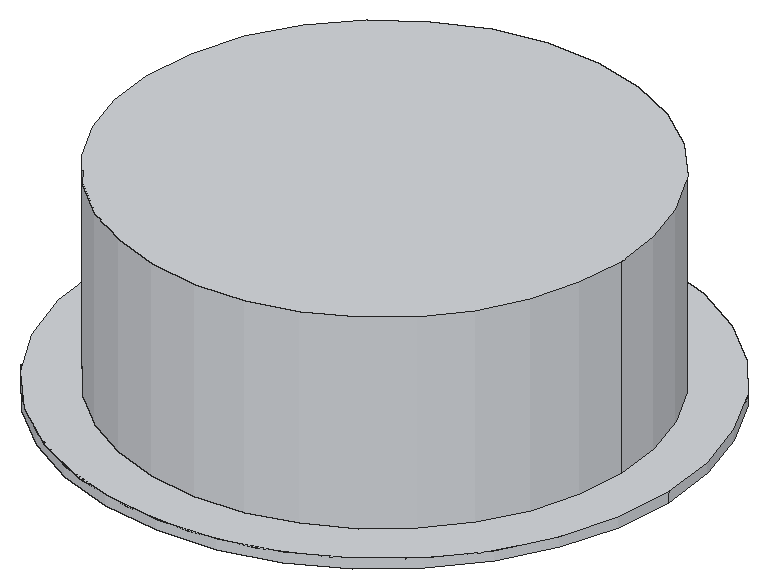
Revit family "COIN RECESSED", category Lighting Fixtures, host Ceiling, Revit 2017
Family settings
  Host = Ceiling
  Round Connector Dimension = Use Diameter
  Part Type = Normal
  OmniClass Number = 23.80.70.11
  OmniClass Title = Luminaries for Internal Lighting
  Always vertical = Yes
  Cut with Voids When Loaded = No
  Light Source = Yes
  Shared = No
  Room Calculation Point = No
Parameters (values of type "Type 1")
  Wattage = 9.2903 W
  built-in parameter 1150110 = 1 (stored number, unit not read)
  built-in parameter 1114217 = 1 (stored number, unit not read)
  Tilt Angle = 90.00°
  built-in parameter 1150109 = 1 (stored number, unit not read)
  built-in parameter 1150134 = (empty or 0)
  built-in parameter 1150113 = 1 (stored number, unit not read)
  Photometric Web File = "ELR20N 40D.IES"
  Lumens = 1380 lm
  built-in parameter 1150115 = 1 (stored number, unit not read)
  built-in parameter 1150105 = 109.82 (stored number, unit not read)
  built-in parameter 1150137 = (empty or 0)
  built-in parameter 1150139 = (empty or 0)
  built-in parameter 1150112 = 1 (stored number, unit not read)
  built-in parameter 1150114 = 1 (stored number, unit not read)
  built-in parameter 1150132 = 2
  built-in parameter 1150102 = (empty or 0)
  built-in parameter 1150138 = (empty or 0)
  built-in parameter 1150107 = 3000 (stored number, unit not read)
  built-in parameter 1150106 = 1.0982 (stored number, unit not read)
  built-in parameter 1150104 = 13.8 (stored number, unit not read)
  Dimming Lamp Color Temperature Shift = <None>
  Color Filter = 16777215
  built-in parameter 1114218 = 1 (stored number, unit not read)
  built-in parameter 1150133 = 10 (stored number, unit not read)
Reference planes
  plane 1 "Light Source Axis (F/B)": y = 0
  plane 2: z = 0
  plane 3 "Light Source Axis (L/R)": x = 0
  plane 4 "Ceiling": z = 4000
  plane 5 "Light Source Elevation": z = 3995.625
  plane 6: x = -102.46
  plane 7: x = 101.915
  plane 8: y = 52.5
  plane 9: y = -52.5
  plane 10: x = -50.796
  plane 11: x = 49.165
Forms (mm)
  Extrusion 1, solid
    sketch origin (0, 0, 4000) x (0, 1, 0) y (-1, 0, 0)
      loop
        circle (0, 0) r 30
      loop
        circle (0, 0) r 25
    from 0 to -1
  Extrusion 2, solid
    sketch origin (0, 0, 4000) x (0, 1, 0) y (-1, 0, 0)
      loop
        circle (0, 0) r 25
    from 0 to 20
  Revolve 3, solid, material "Glass, Frosted"
    sketch origin (0, 0, 0) x (1, 0, 0) y (0, 0, 1)
      loop
        line (0, 4001.819) -> (-18.429, 4001.819) -> (-18.429, 3999) -> (-20.005, 3997.122) -> (0, 3997.122) -> (0, 4001.819)
      axis (0, 4001.819) -> (0, 3997.122)
    angle from 0 to 360
Lines and regions (mm)
  Opening 1
    outline origin (0, 0, 4000) x (1, 0, 0) y (0, 1, 0)
      loop
        circle (0, 0) r 30
Dimensions and locks
  equal spacing: host sketch curve, plane 3 "Light Source Axis (L/R)", host sketch curve
  equal spacing: host sketch curve, plane 1 "Light Source Axis (F/B)", host sketch curve
  host sketch curve to host sketch curve = 4000.00 mm  (x2)
  plane 4 "Ceiling" to host ceiling = 0.00 mm
  imposter light to Extrusion 2 = 24.375 mm
  plane 7 to plane 6 = 204.375 mm
  plane 8 to plane 9 = 105.00 mm
  aligned and locked: plane 5 "Light Source Elevation" to imposter light
